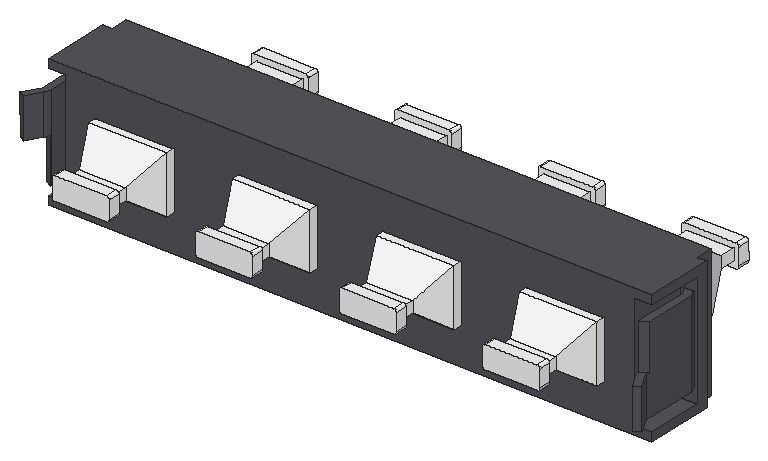
Revit family "Adaptor 4 MTP", category Installations électriques, Revit 2020
Family settings
  Conserver l'orientation des annotations = Non
  Cote de connecteur circulaire = Utiliser le diamètre
  Type d'élément = Normal
  Basée sur le plan de construction = Non
  Toujours verticalement = Oui
  Couper avec des vides une fois chargée = Non
  Partagée = Non
  Point de calcul de pièce = Non
Parameters (values of type "Adaptor 4 MTP single mode")
  Width of the connectors = 13.5 mm
  Width (mm) = 108.8 mm
  Type of connector interior = "MT_MPO"
  Type of connector external = "MT_MPO"
  Storage temperature = "-10°C à 60°C"
  RAL Number = "9017"
  Operating temperature = "-10°C à 60°C"
  Opening width = 8.35 mm
  Opening height = 6.5 mm
  Number of connectors = 4
  Legrand part number = "032133"
  IP = "IP20"
  IK = "IK04"
  Height of the connectors = 10 mm
  Height = 23 mm
  Function = "Patch panels with optical connector Legrand"
  Fiber optic type = "Single mode"
  Elévation par défaut = 0 mm
  ETIM class = "EC001130"
  EAN = "3414970962041"
  E-catalogue link = "https://www.legrand.fr/reference/032133/pro"
  Depth = 44.7 mm
  Colour of the connectors = IDS_VERT
  Color = IDS_NOIR
  BIM wording = "Adaptor 4 MTP single mode"
Types (2, lengths in mm): name | Legrand part number | Fiber optic type | EAN | E-catalogue link | Colour of the connectors | BIM wording
  Adaptor 4 MTP single mode | "032133" | "Single mode" | "3414970962041" | "https://www.legrand.fr/reference/032133/pro" | IDS_VERT | "Adaptor 4 MTP single mode"
  Adaptor 4 MTP multimode | "032134" | "Multimode" | "3414970962065" | "https://www.legrand.fr/reference/032134/pro" | IDS_JAUNE | "Adaptor 4 MTP multimode"
Reference planes
  plane 1 "Centre (avant/arrière)": y = 0
  plane 2: z = 0
  plane 3 "Centre (gauche/droite)": x = 0
  plane 4 "Clip bas": z = 4
  plane 5 "Clip haut": z = 19
  plane 6: x = 105.5
  plane 7: x = 52.75
  plane 8: through (0.797, -2.504, 1200) normal (-0.866, 0.5, 0)
  plane 9: z = 6.5
  plane 10: z = 16.5
  plane 11: z = 6.5
  plane 12: z = 16.5
  plane 13: x = 8.35
  plane 14: x = 21.85
  plane 15: z = 23
  plane 16: x = 33.45
  plane 17: x = 46.95
  plane 18: x = 58.55
  plane 19: x = 72.05
  plane 20: y = 21
  plane 21: y = 11
  plane 22: y = 1
  plane 23: x = 83.65
  plane 24: x = 97.15
  plane 25: y = -7
  plane 26: z = 10.5
  plane 27: z = 12.5
  plane 28: x = 11.1
  plane 29: x = 19.1
  plane 30: z = 10.5
  plane 31: z = 12.5
  plane 32: x = 36.2
  plane 33: x = 44.2
  plane 34: z = 10.5
  plane 35: z = 12.5
  plane 36: x = 61.3
  plane 37: x = 69.3
  plane 38: z = 10.5
  plane 39: z = 12.5
  plane 40: x = 86.4
  plane 41: x = 94.4
  plane 42: z = 10.5
  plane 43: z = 12.5
  plane 44: x = 11.1
  plane 45: x = 19.1
  plane 46: z = 10.5
  plane 47: z = 12.5
  plane 48: x = 36.2
  plane 49: x = 44.2
  plane 50: z = 10.5
  plane 51: z = 12.5
  plane 52: x = 61.3
  plane 53: x = 69.3
  plane 54: z = 10.5
  plane 55: z = 12.5
  plane 56: x = 86.4
  plane 57: x = 94.4
Forms (mm)
  Extrusion 1, solid, material "IDS_NOIR"
    sketch origin (0, 0, 0) x (1, 0, 0) y (0, 1, 0)
      loop
        line (0, 0) -> (105.5, 0) -> (105.5, 12) -> (103.9, 12) -> (103.9, 15) -> (1.6, 15) -> (1.6, 12) -> (0, 12) -> (0, 0)
    from 0 to 23
  Extrusion 2, void
    sketch origin (0, 0, 0) x (-1, 0, 0) y (0, 0, 1)
      loop
        line (0, 21.5) -> (-3, 21.5) -> (-3, 1.5) -> (0, 1.5) -> (0, 21.5)
      loop
        line (-105.5, 21.5) -> (-105.5, 1.5) -> (-102.5, 1.5) -> (-102.5, 21.5) -> (-105.5, 21.5)
    from 0 to 10
  Extrusion 3, solid, material "IDS_NOIR"
    sketch origin (0, 25.162, 4) x (0, 1, 0) y (-1, 0, 0)
      loop
        line (-29.912, 0.5) -> (-27.374, -0.965)
        arc (-27.374, -0.965) -> (-26.771, -1.215) -> (-26.124, -1.3) r 2.5
        line (-26.124, -1.3) -> (-16.662, -1.3) -> (-15.162, -2.166) -> (-15.162, -0.665) -> (-16.313, 0) -> (-26.446, 0) -> (-29.262, 1.626) -> (-29.912, 0.5)
      loop
        line (-29.912, -106) -> (-29.262, -107.126) -> (-26.446, -105.5) -> (-16.313, -105.5) -> (-15.162, -104.835) -> (-15.162, -103.334) -> (-16.662, -104.2) -> (-26.124, -104.2)
        arc (-26.124, -104.2) -> (-26.771, -104.285) -> (-27.374, -104.535) r 2.5
        line (-27.374, -104.535) -> (-29.912, -106)
    from 0 to 15
  Extrusion 4, void
    sketch origin (0.797, -2.504, 1200) x (0.5, 0.866025, 0) y (0, 0, 1)
      loop
        line (-2.593, -1196) -> (1.407, -1196) -> (1.407, -1188) -> (-2.593, -1188) -> (-2.593, -1196)
    from 0 to -2.615
  Extrusion 5, void
    sketch origin (104.703, -2.504, 1200) x (-0.5, 0.866025, 0) y (0, 0, -1)
      loop
        line (-2.593, 1181) -> (1.407, 1181) -> (1.407, 1189) -> (-2.593, 1189) -> (-2.593, 1181)
    from 0 to -2.615
  Extrusion 6, void
    sketch origin (2.941, 0, 0) x (-1, 0, 0) y (0, 0, 1)
      loop
        line (-5.409, 16.5) -> (-18.909, 16.5) -> (-18.909, 6.5) -> (-5.409, 6.5) -> (-5.409, 16.5)
      loop
        line (-30.509, 6.5) -> (-30.509, 16.5) -> (-44.009, 16.5) -> (-44.009, 6.5) -> (-30.509, 6.5)
      loop
        line (-55.609, 16.5) -> (-69.109, 16.5) -> (-69.109, 6.5) -> (-55.609, 6.5) -> (-55.609, 16.5)
      loop
        line (-80.709, 6.5) -> (-80.709, 16.5) -> (-94.209, 16.5) -> (-94.209, 6.5) -> (-80.709, 6.5)
    from 0 to 15
  Extrusion 7, solid, material "IDS_VERT" <- "Colour of the connectors"
    sketch origin (-7.488, 1, 1200) x (-1, 0, 0) y (0, 0, 1)
      loop
        line (-15.838, -1183.5) -> (-29.338, -1183.5) -> (-29.338, -1193.5) -> (-15.838, -1193.5) -> (-15.838, -1183.5)
      loop
        line (-66.038, -1183.5) -> (-79.538, -1183.5) -> (-79.538, -1193.5) -> (-66.038, -1193.5) -> (-66.038, -1183.5)
      loop
        line (-54.438, -1193.5) -> (-40.938, -1193.5) -> (-40.938, -1183.5) -> (-54.438, -1183.5) -> (-54.438, -1193.5)
      loop
        line (-91.138, -1183.5) -> (-104.638, -1183.5) -> (-104.638, -1193.5) -> (-91.138, -1193.5) -> (-91.138, -1183.5)
    from 0 to 20
  Extrusion 8, solid, material "IDS_BLANC"
    sketch origin (-7.488, 1, 1200) x (-1, 0, 0) y (0, 0, 1)
      loop
        line (-15.838, -1183.5) -> (-29.338, -1183.5) -> (-29.338, -1193.5) -> (-15.838, -1193.5) -> (-15.838, -1183.5)
      loop
        line (-40.938, -1183.5) -> (-54.438, -1183.5) -> (-54.438, -1193.5) -> (-40.938, -1193.5) -> (-40.938, -1183.5)
      loop
        line (-66.038, -1183.5) -> (-79.538, -1183.5) -> (-79.538, -1193.5) -> (-66.038, -1193.5) -> (-66.038, -1183.5)
      loop
        line (-91.138, -1183.5) -> (-104.638, -1183.5) -> (-104.638, -1193.5) -> (-91.138, -1193.5) -> (-91.138, -1183.5)
    from 0 to -2.5
  Extrusion 9, solid, material "IDS_BLANC"
    sketch origin (5.742, -7, 1200) x (-1, 0, 0) y (0, 0, 1)
      loop
        line (-5.358, -1187.5) -> (-13.358, -1187.5) -> (-13.358, -1189.5) -> (-5.358, -1189.5) -> (-5.358, -1187.5)
    from -2.75 to 0
  SweptBlend 10, solid, material "IDS_BLANC"
    path origin (0, 25.162, 4) x (0, 1, 0) y (-1, 0, 0)
      loop
        line (-26.662, -15.1) -> (-32.162, -15.1)
    profile origin (15.1, -1.5, 4) x (1, 0, 0) y (0, 0, 1)
      loop
        line (-6.75, 12.5) -> (-6.75, 2.5) -> (6.75, 2.5) -> (6.75, 12.5) -> (-6.75, 12.5)
    end profile origin (15.1, -7, 4) x (1, 0, 0) y (0, 0, 1)
      loop
        line (4, 8.5) -> (-4, 8.5) -> (-4, 6.5) -> (4, 6.5) -> (4, 8.5)
  Extrusion 11, solid, material "IDS_BLANC"
    sketch origin (5.742, -9.75, 1200) x (1, 0, 0) y (0, 0, 1)
      loop
        arc (4.858, -1186.5) -> (4.504, -1186.646) -> (4.358, -1187) r 0.5
        line (4.358, -1187) -> (4.358, -1190)
        arc (4.358, -1190) -> (4.504, -1190.354) -> (4.858, -1190.5) r 0.5
        line (4.858, -1190.5) -> (13.858, -1190.5)
        arc (13.858, -1190.5) -> (14.211, -1190.354) -> (14.358, -1190) r 0.5
        line (14.358, -1190) -> (14.358, -1187)
        arc (14.358, -1187) -> (14.211, -1186.646) -> (13.858, -1186.5) r 0.5
        line (13.858, -1186.5) -> (4.858, -1186.5)
    from 0 to 2
  Extrusion 12, solid, material "IDS_BLANC"
    sketch origin (30.842, -7, 1205.5) x (-1, 0, 0) y (0, 0, 1)
      loop
        line (-5.358, -1193) -> (-13.358, -1193) -> (-13.358, -1195) -> (-5.358, -1195) -> (-5.358, -1193)
    from -2.75 to 0
  SweptBlend 13, solid, material "IDS_BLANC"
    path origin (25.1, 25.162, 4) x (0, 1, 0) y (-1, 0, 0)
      loop
        line (-26.662, -15.1) -> (-32.162, -15.1)
    profile origin (40.2, -1.5, 4) x (1, 0, 0) y (0, 0, 1)
      loop
        line (-6.75, 12.5) -> (-6.75, 2.5) -> (6.75, 2.5) -> (6.75, 12.5) -> (-6.75, 12.5)
    end profile origin (40.2, -7, 4) x (1, 0, 0) y (0, 0, 1)
      loop
        line (4, 8.5) -> (-4, 8.5) -> (-4, 6.5) -> (4, 6.5) -> (4, 8.5)
  Extrusion 14, solid, material "IDS_BLANC"
    sketch origin (30.842, -9.75, 1205.5) x (1, 0, 0) y (0, 0, 1)
      loop
        arc (4.858, -1192) -> (4.504, -1192.146) -> (4.358, -1192.5) r 0.5
        line (4.358, -1192.5) -> (4.358, -1195.5)
        arc (4.358, -1195.5) -> (4.504, -1195.854) -> (4.858, -1196) r 0.5
        line (4.858, -1196) -> (13.858, -1196)
        arc (13.858, -1196) -> (14.211, -1195.854) -> (14.358, -1195.5) r 0.5
        line (14.358, -1195.5) -> (14.358, -1192.5)
        arc (14.358, -1192.5) -> (14.211, -1192.146) -> (13.858, -1192) r 0.5
        line (13.858, -1192) -> (4.858, -1192)
    from 0 to 2
  Extrusion 15, solid, material "IDS_BLANC"
    sketch origin (55.942, -7, 1205.5) x (-1, 0, 0) y (0, 0, 1)
      loop
        line (-5.358, -1193) -> (-13.358, -1193) -> (-13.358, -1195) -> (-5.358, -1195) -> (-5.358, -1193)
    from -2.75 to 0
  SweptBlend 16, solid, material "IDS_BLANC"
    path origin (50.2, 25.162, 4) x (0, 1, 0) y (-1, 0, 0)
      loop
        line (-26.662, -15.1) -> (-32.162, -15.1)
    profile origin (65.3, -1.5, 4) x (1, 0, 0) y (0, 0, 1)
      loop
        line (-6.75, 12.5) -> (-6.75, 2.5) -> (6.75, 2.5) -> (6.75, 12.5) -> (-6.75, 12.5)
    end profile origin (65.3, -7, 4) x (1, 0, 0) y (0, 0, 1)
      loop
        line (4, 8.5) -> (-4, 8.5) -> (-4, 6.5) -> (4, 6.5) -> (4, 8.5)
  Extrusion 17, solid, material "IDS_BLANC"
    sketch origin (55.942, -9.75, 1205.5) x (1, 0, 0) y (0, 0, 1)
      loop
        arc (4.858, -1192) -> (4.504, -1192.146) -> (4.358, -1192.5) r 0.5
        line (4.358, -1192.5) -> (4.358, -1195.5)
        arc (4.358, -1195.5) -> (4.504, -1195.854) -> (4.858, -1196) r 0.5
        line (4.858, -1196) -> (13.858, -1196)
        arc (13.858, -1196) -> (14.211, -1195.854) -> (14.358, -1195.5) r 0.5
        line (14.358, -1195.5) -> (14.358, -1192.5)
        arc (14.358, -1192.5) -> (14.211, -1192.146) -> (13.858, -1192) r 0.5
        line (13.858, -1192) -> (4.858, -1192)
    from 0 to 2
  Extrusion 18, solid, material "IDS_BLANC"
    sketch origin (81.042, -7, 1205.5) x (-1, 0, 0) y (0, 0, 1)
      loop
        line (-5.358, -1193) -> (-13.358, -1193) -> (-13.358, -1195) -> (-5.358, -1195) -> (-5.358, -1193)
    from -2.75 to 0
  SweptBlend 19, solid, material "IDS_BLANC"
    path origin (75.3, 25.162, 4) x (0, 1, 0) y (-1, 0, 0)
      loop
        line (-26.662, -15.1) -> (-32.162, -15.1)
    profile origin (90.4, -1.5, 4) x (1, 0, 0) y (0, 0, 1)
      loop
        line (-6.75, 12.5) -> (-6.75, 2.5) -> (6.75, 2.5) -> (6.75, 12.5) -> (-6.75, 12.5)
    end profile origin (90.4, -7, 4) x (1, 0, 0) y (0, 0, 1)
      loop
        line (4, 8.5) -> (-4, 8.5) -> (-4, 6.5) -> (4, 6.5) -> (4, 8.5)
  Extrusion 20, solid, material "IDS_BLANC"
    sketch origin (81.042, -9.75, 1205.5) x (1, 0, 0) y (0, 0, 1)
      loop
        arc (4.858, -1192) -> (4.504, -1192.146) -> (4.358, -1192.5) r 0.5
        line (4.358, -1192.5) -> (4.358, -1195.5)
        arc (4.358, -1195.5) -> (4.504, -1195.854) -> (4.858, -1196) r 0.5
        line (4.858, -1196) -> (13.858, -1196)
        arc (13.858, -1196) -> (14.211, -1195.854) -> (14.358, -1195.5) r 0.5
        line (14.358, -1195.5) -> (14.358, -1192.5)
        arc (14.358, -1192.5) -> (14.211, -1192.146) -> (13.858, -1192) r 0.5
        line (13.858, -1192) -> (4.858, -1192)
    from 0 to 2
  Extrusion 21, solid, material "IDS_BLANC"
    sketch origin (5.742, 29, 1200) x (-1, 0, 0) y (0, 0, -1)
      loop
        line (-5.358, 1187.5) -> (-5.358, 1189.5) -> (-13.358, 1189.5) -> (-13.358, 1187.5) -> (-5.358, 1187.5)
    from -2.75 to 0
  SweptBlend 22, solid, material "IDS_BLANC"
    path origin (0, -3.162, 4) x (0, -1, 0) y (1, 0, 0)
      loop
        line (-26.662, 15.1) -> (-32.162, 15.1)
    profile origin (15.1, 23.5, 4) x (-1, 0, 0) y (0, 0, 1)
      loop
        line (6.75, 12.5) -> (-6.75, 12.5) -> (-6.75, 2.5) -> (6.75, 2.5) -> (6.75, 12.5)
    end profile origin (15.1, 29, 4) x (-1, 0, 0) y (0, 0, 1)
      loop
        line (-4, 8.5) -> (-4, 6.5) -> (4, 6.5) -> (4, 8.5) -> (-4, 8.5)
  Extrusion 23, solid, material "IDS_BLANC"
    sketch origin (5.742, 31.75, 1200) x (1, 0, 0) y (0, 0, -1)
      loop
        line (4.858, 1186.5) -> (13.858, 1186.5)
        arc (13.858, 1186.5) -> (14.211, 1186.646) -> (14.358, 1187) r 0.5
        line (14.358, 1187) -> (14.358, 1190)
        arc (14.358, 1190) -> (14.211, 1190.354) -> (13.858, 1190.5) r 0.5
        line (13.858, 1190.5) -> (4.858, 1190.5)
        arc (4.858, 1190.5) -> (4.504, 1190.354) -> (4.358, 1190) r 0.5
        line (4.358, 1190) -> (4.358, 1187)
        arc (4.358, 1187) -> (4.504, 1186.646) -> (4.858, 1186.5) r 0.5
    from 0 to 2
  Extrusion 24, solid, material "IDS_BLANC"
    sketch origin (30.842, 29, 1205.5) x (-1, 0, 0) y (0, 0, -1)
      loop
        line (-5.358, 1193) -> (-5.358, 1195) -> (-13.358, 1195) -> (-13.358, 1193) -> (-5.358, 1193)
    from -2.75 to 0
  SweptBlend 25, solid, material "IDS_BLANC"
    path origin (25.1, -3.162, 4) x (0, -1, 0) y (1, 0, 0)
      loop
        line (-26.662, 15.1) -> (-32.162, 15.1)
    profile origin (40.2, 23.5, 4) x (-1, 0, 0) y (0, 0, 1)
      loop
        line (6.75, 12.5) -> (-6.75, 12.5) -> (-6.75, 2.5) -> (6.75, 2.5) -> (6.75, 12.5)
    end profile origin (40.2, 29, 4) x (-1, 0, 0) y (0, 0, 1)
      loop
        line (-4, 8.5) -> (-4, 6.5) -> (4, 6.5) -> (4, 8.5) -> (-4, 8.5)
  Extrusion 26, solid, material "IDS_BLANC"
    sketch origin (30.842, 31.75, 1205.5) x (1, 0, 0) y (0, 0, -1)
      loop
        line (4.858, 1192) -> (13.858, 1192)
        arc (13.858, 1192) -> (14.211, 1192.146) -> (14.358, 1192.5) r 0.5
        line (14.358, 1192.5) -> (14.358, 1195.5)
        arc (14.358, 1195.5) -> (14.211, 1195.854) -> (13.858, 1196) r 0.5
        line (13.858, 1196) -> (4.858, 1196)
        arc (4.858, 1196) -> (4.504, 1195.854) -> (4.358, 1195.5) r 0.5
        line (4.358, 1195.5) -> (4.358, 1192.5)
        arc (4.358, 1192.5) -> (4.504, 1192.146) -> (4.858, 1192) r 0.5
    from 0 to 2
  Extrusion 27, solid, material "IDS_BLANC"
    sketch origin (55.942, 29, 1205.5) x (-1, 0, 0) y (0, 0, -1)
      loop
        line (-5.358, 1193) -> (-5.358, 1195) -> (-13.358, 1195) -> (-13.358, 1193) -> (-5.358, 1193)
    from -2.75 to 0
  SweptBlend 28, solid, material "IDS_BLANC"
    path origin (50.2, -3.162, 4) x (0, -1, 0) y (1, 0, 0)
      loop
        line (-26.662, 15.1) -> (-32.162, 15.1)
    profile origin (65.3, 23.5, 4) x (-1, 0, 0) y (0, 0, 1)
      loop
        line (6.75, 12.5) -> (-6.75, 12.5) -> (-6.75, 2.5) -> (6.75, 2.5) -> (6.75, 12.5)
    end profile origin (65.3, 29, 4) x (-1, 0, 0) y (0, 0, 1)
      loop
        line (-4, 8.5) -> (-4, 6.5) -> (4, 6.5) -> (4, 8.5) -> (-4, 8.5)
  Extrusion 29, solid, material "IDS_BLANC"
    sketch origin (55.942, 31.75, 1205.5) x (1, 0, 0) y (0, 0, -1)
      loop
        line (4.858, 1192) -> (13.858, 1192)
        arc (13.858, 1192) -> (14.211, 1192.146) -> (14.358, 1192.5) r 0.5
        line (14.358, 1192.5) -> (14.358, 1195.5)
        arc (14.358, 1195.5) -> (14.211, 1195.854) -> (13.858, 1196) r 0.5
        line (13.858, 1196) -> (4.858, 1196)
        arc (4.858, 1196) -> (4.504, 1195.854) -> (4.358, 1195.5) r 0.5
        line (4.358, 1195.5) -> (4.358, 1192.5)
        arc (4.358, 1192.5) -> (4.504, 1192.146) -> (4.858, 1192) r 0.5
    from 0 to 2
  Extrusion 30, solid, material "IDS_BLANC"
    sketch origin (81.042, 29, 1205.5) x (-1, 0, 0) y (0, 0, -1)
      loop
        line (-5.358, 1193) -> (-5.358, 1195) -> (-13.358, 1195) -> (-13.358, 1193) -> (-5.358, 1193)
    from -2.75 to 0
  SweptBlend 31, solid, material "IDS_BLANC"
    path origin (75.3, -3.162, 4) x (0, -1, 0) y (1, 0, 0)
      loop
        line (-26.662, 15.1) -> (-32.162, 15.1)
    profile origin (90.4, 23.5, 4) x (-1, 0, 0) y (0, 0, 1)
      loop
        line (6.75, 12.5) -> (-6.75, 12.5) -> (-6.75, 2.5) -> (6.75, 2.5) -> (6.75, 12.5)
    end profile origin (90.4, 29, 4) x (-1, 0, 0) y (0, 0, 1)
      loop
        line (-4, 8.5) -> (-4, 6.5) -> (4, 6.5) -> (4, 8.5) -> (-4, 8.5)
  Extrusion 32, solid, material "IDS_BLANC"
    sketch origin (81.042, 31.75, 1205.5) x (1, 0, 0) y (0, 0, -1)
      loop
        line (4.858, 1192) -> (13.858, 1192)
        arc (13.858, 1192) -> (14.211, 1192.146) -> (14.358, 1192.5) r 0.5
        line (14.358, 1192.5) -> (14.358, 1195.5)
        arc (14.358, 1195.5) -> (14.211, 1195.854) -> (13.858, 1196) r 0.5
        line (13.858, 1196) -> (4.858, 1196)
        arc (4.858, 1196) -> (4.504, 1195.854) -> (4.358, 1195.5) r 0.5
        line (4.358, 1195.5) -> (4.358, 1192.5)
        arc (4.358, 1192.5) -> (4.504, 1192.146) -> (4.858, 1192) r 0.5
    from 0 to 2
  Extrusion 33, solid, material "IDS_BLANC"
    sketch origin (-7.488, 21, 1200) x (-1, 0, 0) y (0, 0, -1)
      loop
        line (-15.838, 1183.5) -> (-15.838, 1193.5) -> (-29.338, 1193.5) -> (-29.338, 1183.5) -> (-15.838, 1183.5)
      loop
        line (-40.938, 1183.5) -> (-40.938, 1193.5) -> (-54.438, 1193.5) -> (-54.438, 1183.5) -> (-40.938, 1183.5)
      loop
        line (-66.038, 1183.5) -> (-66.038, 1193.5) -> (-79.538, 1193.5) -> (-79.538, 1183.5) -> (-66.038, 1183.5)
      loop
        line (-91.138, 1183.5) -> (-91.138, 1193.5) -> (-104.638, 1193.5) -> (-104.638, 1183.5) -> (-91.138, 1183.5)
    from 0 to -2.5
Cuts and joins
  Extrusion 2, Extrusion 6 cuts Extrusion 1
  Extrusion 4, Extrusion 5 cuts Extrusion 3
  joined: Extrusion 8, Extrusion 9, SweptBlend 10, Extrusion 11, Extrusion 12, SweptBlend 13, Extrusion 14, Extrusion 15, SweptBlend 16, Extrusion 17, Extrusion 18, SweptBlend 19, Extrusion 20
Lines and regions (mm)
  model lines
    curve 1: line (21.85, -1.5, 6.5) -> (8.35, -1.5, 6.5)
    curve 2: line (21.85, -1.5, 16.5) -> (21.85, -1.5, 6.5)
    curve 3: line (8.35, -1.5, 16.5) -> (21.85, -1.5, 16.5)
    curve 4: line (8.35, -1.5, 6.5) -> (8.35, -1.5, 16.5)
Dimensions and locks
  locked: plane 1 "Centre (avant/arrière)" to Extrusion 1 sketch curve at 15
  locked: Extrusion 1 sketch curve to Extrusion 1 sketch curve at 105.5
  locked: Extrusion 1 sketch curve to Extrusion 1 sketch curve at 1.6  (x2)
  locked: Extrusion 1 sketch curve to Extrusion 1 sketch curve at 12
  locked: Extrusion 2 sketch curve to level at 1.5
  locked: Extrusion 1 to Extrusion 2 sketch curve at 1.5
  locked: Extrusion 2 sketch curve to plane 3 "Centre (gauche/droite)" at 3
  locked: Extrusion 2 sketch curve to Extrusion 1 at 3
  plane 4 "Clip bas" to level = 4 mm
  cut or joined group of Extrusion 1, Extrusion 2, Extrusion 6 to plane 5 "Clip haut" = 4 mm
  locked: Extrusion 3 sketch curve to plane 3 "Centre (gauche/droite)" at 0.5
  locked: Extrusion 3 sketch curve to plane 1 "Centre (avant/arrière)" at 4.75
  locked: plane 3 "Centre (gauche/droite)" to Extrusion 3 sketch curve at 1.3
  plane 1 "Centre (avant/arrière)" to Extrusion 3 sketch curve = 8.5 mm
  equal spacing: plane 3 "Centre (gauche/droite)", plane 7, plane 6, locked at 52.75 each
  locked: Extrusion 3 to Extrusion 4 sketch curve at 4
  locked: Extrusion 3 to Extrusion 4 sketch curve at 8
  cut or joined group of Extrusion 3, Extrusion 4, Extrusion 5 to Extrusion 5 sketch curve = 8 mm
  Extrusion 5 sketch curve to cut or joined group of Extrusion 3, Extrusion 4, Extrusion 5 = 4 mm
  "Opening height": plane 9 to level
  "Height of the connectors": plane 10 to plane 9
  "Height of the connectors": plane 12 to plane 11
  "Opening width": plane 13 to plane 3 "Centre (gauche/droite)"
  "Width of the connectors": plane 13 to plane 14
  locked: plane 15 to level at 23
  "Opening height": plane 15 to plane 12
  "Width of the connectors": plane 16 to plane 17
  locked: plane 14 to plane 16 at 11.6
  plane 17 to plane 18 = 11.6 mm
  "Width of the connectors": plane 18 to plane 19
  plane 20 to cut or joined group of Extrusion 1, Extrusion 2, Extrusion 6 = 6 mm
  locked: plane 22 to plane 1 "Centre (avant/arrière)" at 1
  "Width of the connectors": plane 23 to plane 24
  plane 23 to plane 19 = 11.6 mm
  plane 6 to plane 24 = 8.35 mm
  Extrusion 8 to plane 25 = 5.5 mm
  plane 26 to plane 9 = 4 mm
  plane 10 to plane 27 = 4 mm
  plane 27 to plane 26 = 2 mm
  Extrusion 8 to plane 28 = 2.75 mm
  plane 28 to plane 29 = 8 mm
  plane 29 to plane 14 = 2.75 mm
  Extrusion 11 sketch curve to Extrusion 9 = 1 mm  (x3)
  Extrusion 9 to Extrusion 11 sketch curve = 1 mm
  plane 31 to plane 30 = 2 mm
  plane 32 to plane 33 = 8 mm
  Extrusion 14 sketch curve to Extrusion 12 = 1 mm  (x3)
  Extrusion 12 to Extrusion 14 sketch curve = 1 mm
  plane 35 to plane 34 = 2 mm
  plane 36 to plane 37 = 8 mm
  Extrusion 17 sketch curve to Extrusion 15 = 1 mm  (x3)
  Extrusion 15 to Extrusion 17 sketch curve = 1 mm
  plane 39 to plane 38 = 2 mm
  plane 40 to plane 41 = 8 mm
  Extrusion 20 sketch curve to Extrusion 18 = 1 mm  (x3)
  Extrusion 18 to Extrusion 20 sketch curve = 1 mm
  equal spacing: plane 20, plane 21, plane 22
  plane 42 to plane 43 = 2 mm
  plane 44 to plane 45 = 8 mm
  Extrusion 21 to Extrusion 23 sketch curve = 1 mm
  Extrusion 23 sketch curve to Extrusion 21 = 1 mm  (x3)
  plane 46 to plane 47 = 2 mm
  plane 48 to plane 49 = 8 mm
  Extrusion 24 to Extrusion 26 sketch curve = 1 mm
  Extrusion 26 sketch curve to Extrusion 24 = 1 mm  (x3)
  plane 50 to plane 51 = 2 mm
  plane 52 to plane 53 = 8 mm
  Extrusion 27 to Extrusion 29 sketch curve = 1 mm
  Extrusion 29 sketch curve to Extrusion 27 = 1 mm  (x3)
  plane 54 to plane 55 = 2 mm
  plane 56 to plane 57 = 8 mm
  Extrusion 30 to Extrusion 32 sketch curve = 1 mm
  Extrusion 32 sketch curve to Extrusion 30 = 1 mm  (x3)
  locked: cut or joined group of Extrusion 1, Extrusion 2, Extrusion 6 to Extrusion 3 sketch curve (angle 60.00°)
  aligned and locked: level to plane 2
  aligned and locked: plane 5 "Clip haut" to Extrusion 3
  aligned and locked: Extrusion 3 to plane 4 "Clip bas"
  aligned and locked: plane 6 to cut or joined group of Extrusion 1, Extrusion 2, Extrusion 6
  aligned and locked: Extrusion 4 sketch curve to Extrusion 3
  aligned and locked: Extrusion 3 to Extrusion 4 sketch curve
  aligned and locked: Extrusion 5 sketch curve to cut or joined group of Extrusion 3, Extrusion 4, Extrusion 5
  aligned and locked: plane 15 to cut or joined group of Extrusion 1, Extrusion 2, Extrusion 6
  aligned and locked: Extrusion 6 to plane 9
  aligned and locked: plane 10 to Extrusion 6
  aligned and locked: plane 13 to Extrusion 6
  aligned and locked: Extrusion 6 to plane 14
  aligned and locked: plane 9 to Extrusion 6 sketch curve  (x2)
  aligned and locked: Extrusion 6 sketch curve to plane 16
  aligned and locked: Extrusion 6 sketch curve to plane 10  (x2)
  aligned and locked: plane 17 to Extrusion 6 sketch curve
  aligned and locked: plane 10 to Extrusion 6 sketch curve
  aligned and locked: plane 18 to Extrusion 6 sketch curve
  aligned and locked: Extrusion 6 sketch curve to plane 9
  aligned and locked: plane 19 to Extrusion 6 sketch curve
  aligned and locked: Extrusion 1 to Extrusion 6
  aligned and locked: Extrusion 7 sketch curve to cut or joined group of Extrusion 1, Extrusion 2, Extrusion 6  (x11)
  aligned and locked: plane 20 to Extrusion 7
  aligned and locked: Extrusion 8 sketch curve to Extrusion 7  (x12)
  aligned and locked: Extrusion 2 sketch curve to Extrusion 2 sketch curve  (x2)
  aligned and locked: Extrusion 6 sketch curve to plane 23
  aligned and locked: Extrusion 6 sketch curve to plane 24
  aligned and locked: Extrusion 8 sketch curve to cut or joined group of Extrusion 1, Extrusion 2, Extrusion 6  (x4)
  aligned and locked: plane 27 to Extrusion 9 sketch curve
  aligned and locked: plane 28 to Extrusion 9 sketch curve
  aligned and locked: Extrusion 9 sketch curve to plane 26
  aligned and locked: Extrusion 9 sketch curve to plane 29
  aligned and locked: curve 1 to Extrusion 8
  aligned and locked: curve 2 to Extrusion 8
  aligned and locked: curve 3 to Extrusion 8
  aligned and locked: curve 4 to Extrusion 8
  aligned and locked: SweptBlend 10 sketch curve to Extrusion 8  (x4)
  aligned and locked: SweptBlend 10 sketch curve to Extrusion 9  (x4)
  aligned and locked: plane 31 to Extrusion 12 sketch curve
  aligned and locked: plane 32 to Extrusion 12 sketch curve
  aligned and locked: Extrusion 12 sketch curve to plane 30
  aligned and locked: Extrusion 12 sketch curve to plane 33
  aligned and locked: SweptBlend 13 sketch curve to Extrusion 12  (x4)
  aligned and locked: plane 35 to Extrusion 15 sketch curve
  aligned and locked: plane 36 to Extrusion 15 sketch curve
  aligned and locked: Extrusion 15 sketch curve to plane 34
  aligned and locked: Extrusion 15 sketch curve to plane 37
  aligned and locked: SweptBlend 16 sketch curve to Extrusion 15  (x4)
  aligned and locked: plane 39 to Extrusion 18 sketch curve
  aligned and locked: plane 40 to Extrusion 18 sketch curve
  aligned and locked: Extrusion 18 sketch curve to plane 38
  aligned and locked: Extrusion 18 sketch curve to plane 41
  aligned and locked: SweptBlend 19 sketch curve to Extrusion 18  (x4)
  aligned and locked: Extrusion 21 sketch curve to plane 43
  aligned and locked: plane 44 to Extrusion 21 sketch curve
  aligned and locked: plane 42 to Extrusion 21 sketch curve
  aligned and locked: Extrusion 21 sketch curve to plane 45
  aligned and locked: Extrusion 21 to SweptBlend 22 sketch curve  (x2)
  aligned and locked: SweptBlend 22 sketch curve to Extrusion 21  (x2)
  aligned and locked: Extrusion 24 sketch curve to plane 47
  aligned and locked: plane 48 to Extrusion 24 sketch curve
  aligned and locked: plane 46 to Extrusion 24 sketch curve
  aligned and locked: Extrusion 24 sketch curve to plane 49
  aligned and locked: Extrusion 24 to SweptBlend 25 sketch curve  (x2)
  aligned and locked: SweptBlend 25 sketch curve to Extrusion 24  (x2)
  aligned and locked: Extrusion 27 sketch curve to plane 51
  aligned and locked: plane 52 to Extrusion 27 sketch curve
  aligned and locked: plane 50 to Extrusion 27 sketch curve
  aligned and locked: Extrusion 27 sketch curve to plane 53
  aligned and locked: Extrusion 27 to SweptBlend 28 sketch curve  (x2)
  aligned and locked: SweptBlend 28 sketch curve to Extrusion 27  (x2)
  aligned and locked: Extrusion 30 sketch curve to plane 55
  aligned and locked: plane 56 to Extrusion 30 sketch curve
  aligned and locked: plane 54 to Extrusion 30 sketch curve
  aligned and locked: Extrusion 30 sketch curve to plane 57
  aligned and locked: Extrusion 30 to SweptBlend 31 sketch curve  (x2)
  aligned and locked: SweptBlend 31 sketch curve to Extrusion 30  (x2)
Automatic sketch dimensions
  plane 1 "Centre (avant/arrière)" to Extrusion 1 sketch curve = 0 mm
  Extrusion 1 sketch curve to plane 3 "Centre (gauche/droite)" = 0 mm
  plane 21 to Extrusion 1 sketch curve = 1 mm
  plane 6 to Extrusion 2 sketch curve = 0 mm
  Extrusion 2 sketch curve to plane 3 "Centre (gauche/droite)" = 0 mm
  Extrusion 3 sketch curve to plane 6 = 0 mm
  Extrusion 3 sketch curve to plane 3 "Centre (gauche/droite)" = 0 mm
  Extrusion 3 sketch curve to plane 6 = 0.5 mm
  plane 25 to Extrusion 3 sketch curve = 2.25 mm
  Extrusion 3 sketch curve to Extrusion 3 sketch curve = 0.65 mm  (x2)
  Extrusion 3 sketch curve to plane 6 = 1.626 mm
  plane 3 "Centre (gauche/droite)" to Extrusion 3 sketch curve = 0.965 mm
  plane 6 to Extrusion 3 sketch curve = 0.965 mm
  plane 1 "Centre (avant/arrière)" to Extrusion 3 sketch curve = 0.962 mm  (x2)
  Extrusion 3 sketch curve to plane 21 = 2.5 mm
  Extrusion 3 sketch curve to Extrusion 3 sketch curve = 0.348 mm  (x2)
  Extrusion 3 sketch curve to plane 21 = 1 mm  (x2)
  Extrusion 3 sketch curve to plane 6 = 1.2 mm
  plane 6 to Extrusion 3 sketch curve = 0.665 mm
  Extrusion 3 sketch curve to Extrusion 3 sketch curve = 1.501 mm
  Extrusion 3 sketch curve to Extrusion 3 sketch curve = 0.866 mm
  plane 3 "Centre (gauche/droite)" to Extrusion 3 sketch curve = 0.665 mm
  Extrusion 5 sketch curve to Extrusion 5 sketch curve = 4 mm
  Extrusion 6 sketch curve to plane 9 = 0 mm
  plane 14 to Extrusion 6 sketch curve = 0 mm
  Extrusion 6 sketch curve to plane 10 = 0 mm
  plane 13 to Extrusion 6 sketch curve = 0 mm
  Extrusion 7 sketch curve to plane 10 = 0 mm
  Extrusion 7 sketch curve to plane 24 = 0 mm
  Extrusion 7 sketch curve to plane 9 = 0 mm
  plane 23 to Extrusion 7 sketch curve = 0 mm
  plane 17 to Extrusion 7 sketch curve = 0 mm
  SweptBlend 10 sketch curve to plane 25 = 0 mm
  SweptBlend 10 sketch curve to plane 13 = 6.75 mm
  plane 1 "Centre (avant/arrière)" to SweptBlend 10 sketch curve = 1.5 mm
  Extrusion 8 to curve 3 = 0 mm
  curve 1 to Extrusion 8 = 0 mm
  Extrusion 9 to Extrusion 11 sketch curve = 0.5 mm  (x4)
  SweptBlend 13 sketch curve to plane 25 = 0 mm
  SweptBlend 13 sketch curve to plane 16 = 6.75 mm
  plane 1 "Centre (avant/arrière)" to SweptBlend 13 sketch curve = 1.5 mm
  plane 4 "Clip bas" to SweptBlend 13 sketch curve = 2.5 mm
  profile plane to SweptBlend 13 sketch curve = 6.75 mm
  SweptBlend 13 sketch curve to profile plane = 6.75 mm
  SweptBlend 13 sketch curve to SweptBlend 13 sketch curve = 10 mm
  Extrusion 12 to Extrusion 14 sketch curve = 0.5 mm  (x3)
  Extrusion 14 sketch curve to Extrusion 14 sketch curve = 0.5 mm
  SweptBlend 16 sketch curve to plane 25 = 0 mm
  SweptBlend 16 sketch curve to plane 18 = 6.75 mm
  plane 1 "Centre (avant/arrière)" to SweptBlend 16 sketch curve = 1.5 mm
  plane 4 "Clip bas" to SweptBlend 16 sketch curve = 2.5 mm
  profile plane to SweptBlend 16 sketch curve = 6.75 mm
  SweptBlend 16 sketch curve to profile plane = 6.75 mm
  SweptBlend 16 sketch curve to SweptBlend 16 sketch curve = 10 mm
  Extrusion 15 to Extrusion 17 sketch curve = 0.5 mm  (x3)
  Extrusion 17 sketch curve to Extrusion 17 sketch curve = 0.5 mm
  SweptBlend 19 sketch curve to plane 25 = 0 mm
  SweptBlend 19 sketch curve to plane 23 = 6.75 mm
  plane 1 "Centre (avant/arrière)" to SweptBlend 19 sketch curve = 1.5 mm
  plane 4 "Clip bas" to SweptBlend 19 sketch curve = 2.5 mm
  profile plane to SweptBlend 19 sketch curve = 6.75 mm
  SweptBlend 19 sketch curve to profile plane = 6.75 mm
  SweptBlend 19 sketch curve to SweptBlend 19 sketch curve = 10 mm
  Extrusion 18 to Extrusion 20 sketch curve = 0.5 mm  (x3)
  Extrusion 20 sketch curve to Extrusion 20 sketch curve = 0.5 mm
  plane 20 to SweptBlend 22 sketch curve = 8 mm
  SweptBlend 22 sketch curve to plane 13 = 6.75 mm
  plane 20 to SweptBlend 22 sketch curve = 2.5 mm
  profile plane to SweptBlend 22 sketch curve = 6.75 mm
  SweptBlend 22 sketch curve to profile plane = 6.75 mm
  plane 4 "Clip bas" to SweptBlend 22 sketch curve = 2.5 mm
  SweptBlend 22 sketch curve to SweptBlend 22 sketch curve = 10 mm
  Extrusion 21 to Extrusion 23 sketch curve = 0.5 mm  (x3)
  Extrusion 23 sketch curve to Extrusion 23 sketch curve = 0.5 mm
  plane 20 to SweptBlend 25 sketch curve = 8 mm
  SweptBlend 25 sketch curve to plane 16 = 6.75 mm
  plane 20 to SweptBlend 25 sketch curve = 2.5 mm
  profile plane to SweptBlend 25 sketch curve = 6.75 mm
  SweptBlend 25 sketch curve to profile plane = 6.75 mm
  plane 4 "Clip bas" to SweptBlend 25 sketch curve = 2.5 mm
  SweptBlend 25 sketch curve to SweptBlend 25 sketch curve = 10 mm
  Extrusion 24 to Extrusion 26 sketch curve = 0.5 mm  (x3)
  Extrusion 26 sketch curve to Extrusion 26 sketch curve = 0.5 mm
  plane 20 to SweptBlend 28 sketch curve = 8 mm
  SweptBlend 28 sketch curve to plane 18 = 6.75 mm
  plane 20 to SweptBlend 28 sketch curve = 2.5 mm
  profile plane to SweptBlend 28 sketch curve = 6.75 mm
  SweptBlend 28 sketch curve to profile plane = 6.75 mm
  plane 4 "Clip bas" to SweptBlend 28 sketch curve = 2.5 mm
  SweptBlend 28 sketch curve to SweptBlend 28 sketch curve = 10 mm
  Extrusion 27 to Extrusion 29 sketch curve = 0.5 mm  (x3)
  Extrusion 29 sketch curve to Extrusion 29 sketch curve = 0.5 mm
  plane 20 to SweptBlend 31 sketch curve = 8 mm
  SweptBlend 31 sketch curve to plane 23 = 6.75 mm
  plane 20 to SweptBlend 31 sketch curve = 2.5 mm
  profile plane to SweptBlend 31 sketch curve = 6.75 mm
  SweptBlend 31 sketch curve to profile plane = 6.75 mm
  plane 4 "Clip bas" to SweptBlend 31 sketch curve = 2.5 mm
  SweptBlend 31 sketch curve to SweptBlend 31 sketch curve = 10 mm
  Extrusion 30 to Extrusion 32 sketch curve = 0.5 mm  (x3)
  Extrusion 32 sketch curve to Extrusion 32 sketch curve = 0.5 mm
  Extrusion 33 sketch curve to plane 10 = 0 mm  (x4)
  Extrusion 33 sketch curve to plane 24 = 0 mm
  Extrusion 33 sketch curve to plane 9 = 0 mm  (x4)
  plane 23 to Extrusion 33 sketch curve = 0 mm
  Extrusion 33 sketch curve to plane 19 = 0 mm
  plane 18 to Extrusion 33 sketch curve = 0 mm
  plane 17 to Extrusion 33 sketch curve = 0 mm
  plane 16 to Extrusion 33 sketch curve = 0 mm
  plane 14 to Extrusion 33 sketch curve = 0 mm
  plane 13 to Extrusion 33 sketch curve = 0 mm
